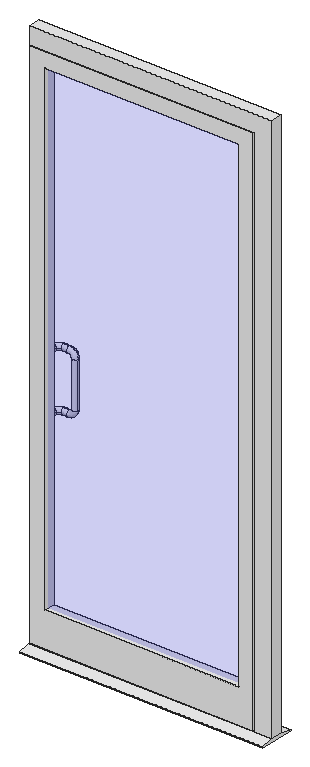
Revit family
Parameters (values of type "As Specified in the Contract Documents")
  ofst2 [instance] = abs(Offset from Exterior Wall Face - (Thickness / 2))  # 0' - 2"
  Top Rail [instance] = 0' - 2 1/2"
  Top RO Spacing = 0' - 0 1/4"
  Top Mechanism Height [instance] = if(Power Operation, 0' 7 1/2", 0' 3.13")  # 0' - 3.13"
  Threshold Width [instance] = 0' - 6"
  Threshold Material [instance] = Extruded Aluminum - Ellison
  Thickness = 0' - 2"  # constant formula
  Stile Size [instance] = 0' - 2 1/2"
  SpecWizard = "http://www.arcat.com/specwizard/08480ell/index.htm?coid=32253&mf="
  Revision = "R1_10-2010"
  Right RO Spacing = 0' - 0.13"
  Warranty Duration (Years) = 0
  U_Factor [instance] = 0
  URL = "http://www.ellisonbronze.com/"
  Test Data = "http://www.ellisonbronze.com/newspecs/index.html"
  Specification = "http://www.arcat.com/sdspecs/htm/08480ell.htm"
  Send Message = "http://www.arcat.com/users.pl?action=UserEmail&company=Ellison%20Bronze,%20Inc.&coid=32253&rep=106&fax=716-665-5552&mf="
  Sales Information = "http://www.ellisonbronze.com/contact.html"
  SHGC [instance] = 0
  Rough Width = Width + Right RO Spacing + Left RO Spacing  # 3' - 6.29"
  Rough Height = Height + Right RO Spacing  # 8' - 1.13"
  R_Value [instance] = 0
  Product Properties = ""
  Product Data = "http://www.arcat.com/arcatcos/cos32/arc32253.html"
  Power Operation [instance] = no
  Panel Material = Extruded Aluminum - Ellison
  Operation = "As Specified in 08 42 36"
  Muntin Width [instance] = 0' - 0 1/2"
  Model = "As Specified in 08 42 36"
  Minor Door Swing Y Start = Width * 0.507  # 1' - 7.71216"
  Minor Door Swing X Start = Width * 0.6157  # 1' - 11.93842"
  Minor Door Swing Radius = Width * 0.5367  # 1' - 8.8669"
  Manufacturer Website = "http://www.ellisonbronze.com/"
  Manufacturer Phone - Toll Free = "800-665-6445 "
  Manufacturer Phone = "716-665-6522 "
  Manufacturer Fax = "716-665-5552"
  Manufacturer Address = "125 W. Main St., Falconer, NY 14733"
  Manufacturer = "Ellison Bronze, Inc."
  Maintenance Schedule (Months) = 0
  Left RO Spacing = 0' - 3.28"
  Keynote = "08 42 36"
  Installation-Fabrication = "http://www.ellisonbronze.com/instmain.html"
  Installation Phase = "Exterior Enclosure"
  Height = 8' - 1"
  Has Muntins [instance] = no
  Has Miiddle Rail [instance] = no
  Hardware Finish [instance] = Extruded Aluminum - Ellison
  Half Stile Size [instance] = Stile Size * 0.5  # 0' - 1 1/4"
  Green Building-LEED = "http://www.arcat.com/green/clients/leed_data_32253.html"
  Glass Thickness = if(Height < 9' 0.1", 0' 0 1/2", 0' 0 3/4")  # 0' - 0 1/2"
  Frame Material = Extruded Aluminum - Ellison
  Fire Rating = "As Specified in 08 42 36"
  F588_Forced-Entry = "As Specified in 08 42 36"
  Expected Lifespan (Years) = 0
  E547_Water-Resistance = "As Specified in 08 42 36"
  E330_Structural-Test-Pressure = "As Specified in 08 42 36"
  E283_Air-Infiltration = "As Specified in 08 42 36"
  Drawn By = "Robert S. Weygant. CSI, CDT, SCIP"
  Door Glazing = Glass
  Description = "Aluminum Stile and Rail Balanced Door"
  Wall Closure = (empty or 0)
  Width = 3' - 2.88"
  Copyright = "2010 ARCAT, Inc."
  Construction Details = "http://www.ellisonbronze.com/newspecs/index.html"
  Offset from Exterior Wall Face [instance] = -0' - 1"
  Bottom Rail [instance] = 0' - 6"
  Assembly Code = "B2020100"
  AAMA Conformance = "As Specified in 08 42 36"
Reference planes (in)
  plane 1 "Center (Front/Back)": y = 0.3125
  plane 2 "Center (Left/Right)": x = -0.64125
  plane 3 "Left": x = -21.72125
  plane 4 "Right": x = 17.15875
  plane 5 "Center": z = 47.27875
  plane 6 "Exterior": y = 2.3125
  plane 7 "Interior": y = -3.6875
  plane 8 "FrameRight": x = 20.43875
  plane 9 "FrameLeft": x = -21.85125
  plane 10 "FrameUpper": z = 97
  plane 11 "Top": z = 97.25
  plane 12: z = 93.87
  plane 13: z = 0.6875
Forms (in)
  Extrusion 1, solid, material "Extruded Aluminum - Ellison" <- "Panel Material"
    sketch origin (0, 0.3125, 0) x (1, 0, 0) y (0, 0, 1)
      loop
        line (17.15875, 93.87) -> (-21.72125, 93.87) -> (-21.72125, 0.6875) -> (17.15875, 0.6875) -> (17.15875, 93.87)
      loop
        line (14.65875, 91.37) -> (-19.22125, 91.37) -> (-19.22125, 6.6875) -> (14.65875, 6.6875) -> (14.65875, 91.37)
    from -1 to 1
  Extrusion 2, solid, material "Glass" <- "Door Glazing"
    sketch origin (0, 0.3125, 0) x (1, 0, 0) y (0, 0, 1)
      loop
        line (17.15875, 93.87) -> (-21.72125, 93.87) -> (-21.72125, 0.6875) -> (17.15875, 0.6875) -> (17.15875, 93.87)
    from -0.25 to 0.25
  Extrusion 3, solid, material "Extruded Aluminum - Ellison" <- "Frame Material"
    sketch origin (0, 0.3125, 3.125) x (1, 0, 0) y (0, 0, 1)
      loop
        line (20.43875, 93.875) -> (-21.85125, 93.875) -> (-21.85125, 90.87) -> (17.40875, 90.87) -> (17.40875, -2.625) -> (20.43875, -2.625) -> (20.43875, 93.875)
    from -1 to 1
  Extrusion 4, solid, material "Extruded Aluminum - Ellison" <- "Panel Material", visible <- "Has Muntins"
    sketch origin (0, 0.3125, 0) x (1, 0, 0) y (0, 0, 1)
      loop
        line (-0.39125, 91.37) -> (-0.89125, 91.37) -> (-0.89125, 47.52875) -> (-19.22125, 47.52875) -> (-19.22125, 47.02875) -> (-0.89125, 47.02875) -> (-0.89125, 6.6875) -> (-0.39125, 6.6875) -> (-0.39125, 47.02875) -> (14.65875, 47.02875) -> (14.65875, 47.52875) -> (-0.39125, 47.52875) -> (-0.39125, 91.37)
    from -1 to 1
  Extrusion 5, solid, material "Extruded Aluminum - Ellison" <- "Threshold Material"
    sketch origin (-0.64125, 0, 0) x (0, 1, 0) y (0, 0, 1)
      loop
        line (3.3125, 0) -> (3.3125, 0.19) -> (1.33515, 0.5) -> (-0.71015, 0.5) -> (-2.6875, 0.19) -> (-2.6875, 0) -> (3.3125, 0)
    from -21.21 to 21.08
  Extrusion 6, solid, material "Extruded Aluminum - Ellison" <- "Panel Material", visible <- "Has Miiddle Rail"
    sketch origin (0, 0.3125, -3.71625) x (1, 0, 0) y (0, 0, 1)
      loop
        line (14.65875, 47.40375) -> (-19.22125, 47.40375) -> (-19.22125, 41.40375) -> (14.65875, 41.40375) -> (14.65875, 47.40375)
    from -1 to 1
Lines and regions (in)
  Opening 1
    outline origin (-95.7153, -3.6875, 0) x (1, 0, 0) y (0, 0, 1)
      loop
        line (73.86405, 97.25) -> (73.86405, 0) -> (116.15405, 0) -> (116.15405, 97.25) -> (73.86405, 97.25)
  symbolic lines, style "Elevation Swing"
    curve 1: line (-21.72125, 0, 93.87) -> (17.15875, 0, 47.27875)
    curve 2: line (-21.72125, 0, 0.6875) -> (17.15875, 0, 47.27875)
  symbolic lines, style "DoorsPanelProjection"
    curve 3: line (16.13107, -11.9375, 0) -> (14.13107, -11.9375, 0)
    curve 4: line (16.13107, -11.9375, 0) -> (16.13107, 26.9425, 0)
    curve 5: line (16.13107, 26.9425, 0) -> (14.13107, 26.9425, 0)
    curve 6: line (14.13107, -11.9375, 0) -> (14.13107, 26.9425, 0)
    curve 7: arc (-21.71923, 1.3125, 0) -> (-17.65467, 12.77509, 0) -> (-7.88967, 20.02466, 0) r 20.8669
  symbolic lines, style "Plan Swing"
    curve 8: arc (-7.88967, 20.02466, 0) -> (2.90967, 24.15534, 0) -> (14.13107, 26.9425, 0) r 94.93214
  symbolic lines, style "DoorsFrameMullionProjection"
    curve 9: line (20.43875, 1.3125, 0) -> (17.40875, 1.3125, 0)
    curve 10: line (20.43875, -0.6875, 0) -> (20.43875, 1.3125, 0)
    curve 11: line (17.40875, -0.6875, 0) -> (20.43875, -0.6875, 0)
    curve 12: line (17.40875, 1.3125, 0) -> (17.40875, -0.6875, 0)
  reference lines
    curve 13: line (14.65875, 0.3125, 6.6875) -> (14.65875, 0.3125, 111.6875)
    curve 14: line (-19.22125, 0.3125, 6.6875) -> (-19.22125, 0.3125, 111.6875)
    curve 15: line (4.04875, 0.3125, 91.37) -> (40.40875, 0.3125, 91.37)
    curve 16: line (4.04875, 0.3125, 6.6875) -> (45.40875, 0.3125, 6.6875)
Text (in)
  text "EXTERIOR" at (-79.42766, 23.47596, 0), in view "Ref. Level"
  text "INTERIOR" at (-79.42766, -17.27685, 0), in view "Ref. Level"
  text "Exterior" at (0, 47.2975, 123.29936), in view "Left"
  text "Exterior" at (0, 19.21628, 132.11189), in view "Right"
Dimensions and locks (in)
  host wall to plane 6 "Exterior" = 0' - 0"
  host wall to plane 7 "Interior" = 0' - 0"
  "Width": plane 3 "Left" to plane 4 "Right"
  equal spacing: plane 3 "Left", plane 2 "Center (Left/Right)", plane 8 "FrameRight"
  "Right RO Spacing": plane 9 "FrameLeft" to plane 3 "Left"
  "Left RO Spacing": plane 4 "Right" to plane 8 "FrameRight"
  "ofst2": plane 1 "Center (Front/Back)" to host wall
  locked: plane 13 to level at 0.6875
  equal spacing: plane 13, plane 5 "Center", plane 12
  "Thickness": Extrusion 1 to Extrusion 1
  "Width": curve 5 to curve 3
  "Glass Thickness": Extrusion 2 to Extrusion 2
  equal spacing: Extrusion 2, plane 1 "Center (Front/Back)", Extrusion 2
  equal spacing: Extrusion 1, plane 1 "Center (Front/Back)", Extrusion 1
  locked: curve 3 to plane 1 "Center (Front/Back)" at 12.25
  "Minor Door Swing Y Start": plane 1 "Center (Front/Back)" to curve 8
  "Muntin Width": Extrusion 4 sketch curve to Extrusion 4 sketch curve  (x2)
  equal spacing: Extrusion 4 sketch curve, plane 5 "Center", Extrusion 4 sketch curve
  equal spacing: Extrusion 4 sketch curve, plane 2 "Center (Left/Right)", Extrusion 4 sketch curve
  "Top Mechanism Height": plane 12 to plane 10 "FrameUpper"
  "Height": level to plane 10 "FrameUpper"
  "Top RO Spacing": plane 10 "FrameUpper" to plane 11 "Top"
  locked: curve 6 to plane 8 "FrameRight" at 6.30768
  "Thickness": curve 6 to curve 4
  "Stile Size": curve 13 to plane 4 "Right"
  "Stile Size": plane 3 "Left" to curve 14
  "Top Rail": curve 15 to plane 12
  "Bottom Rail": plane 13 to curve 16
  "Half Stile Size": plane 3 "Left" to nested 1
  equal spacing: Extrusion 5 sketch curve, plane 1 "Center (Front/Back)", Extrusion 5 sketch curve
  locked: Extrusion 5 sketch curve to level at 0.5
  Extrusion 5 sketch curve to plane 1 "Center (Front/Back)" to Extrusion 5 sketch curve = 0' - 1.02265" locked, 0' - 1.02265" locked
  "Threshold Width": Extrusion 5 to Extrusion 5
  level to Extrusion 6 sketch curve to Extrusion 6 sketch curve = 3' - 1 11/16" locked, 0' - 6" locked
  "Minor Door Swing Radius": radius of curve 7
  aligned and locked: Opening 1 sketch curve to plane 8 "FrameRight"
  aligned and locked: plane 9 "FrameLeft" to Opening 1 sketch curve
  aligned and locked: Opening 1 sketch curve to plane 11 "Top"
  aligned and locked: level to Opening 1 sketch curve
  aligned and locked: plane 4 "Right" to curve 2
  aligned and locked: plane 5 "Center" to curve 2
  aligned and locked: Extrusion 1 to curve 7
  aligned and locked: host wall to plane 7 "Interior"
  aligned and locked: plane 6 "Exterior" to host wall
  aligned and locked: curve 5 to curve 8
  aligned and locked: Extrusion 4 sketch curve to Extrusion 4 sketch curve  (x4)
  aligned and locked: Extrusion 3 to curve 9
  aligned and locked: curve 9 to Extrusion 3
  aligned and locked: curve 12 to Extrusion 3  (x2)
  aligned and locked: Extrusion 1 sketch curve to curve 13
  aligned and locked: Extrusion 1 sketch curve to curve 14
  aligned and locked: Extrusion 1 sketch curve to curve 16
  aligned and locked: Extrusion 1 sketch curve to curve 15
  aligned and locked: curve 13 to Extrusion 4 sketch curve
  aligned and locked: Extrusion 4 sketch curve to curve 14
  aligned and locked: curve 15 to Extrusion 4 sketch curve
  aligned and locked: Extrusion 4 sketch curve to curve 16
  aligned and locked: Extrusion 5 to plane 8 "FrameRight"
  aligned and locked: Extrusion 5 to plane 9 "FrameLeft"
  aligned and locked: Extrusion 6 sketch curve to curve 14
  aligned and locked: curve 13 to Extrusion 6 sketch curve
  aligned and locked: Extrusion 1 to Extrusion 4  (x2)
  aligned and locked: Extrusion 1 to Extrusion 6  (x2)
  aligned and locked: Extrusion 3 to Extrusion 1  (x2)
Automatic sketch dimensions
  curve 1 to plane 3 "Left" = 0' - 0"
  curve 1 to plane 12 = 0' - 0"
  curve 2 to plane 3 "Left" = 0' - 0"
  curve 2 to plane 13 = 0' - 0"
  curve 7 to plane 1 "Center (Front/Back)" = 0' - 0.06016"
  curve 7 to plane 2 "Center (Left/Right)" = 0' - 0.23226"
  curve 8 to plane 8 "FrameRight" = 0' - 10.92301"
  Extrusion 1 sketch curve to plane 3 "Left" = 0' - 0"
  Extrusion 1 sketch curve to plane 4 "Right" = 0' - 0"
  Extrusion 1 sketch curve to plane 13 = 0' - 0"
  Extrusion 1 sketch curve to plane 12 = 0' - 0"
  Extrusion 3 sketch curve to plane 9 "FrameLeft" = 0' - 0"
  Extrusion 3 sketch curve to plane 8 "FrameRight" = 0' - 0"
  Extrusion 3 sketch curve to plane 10 "FrameUpper" = 0' - 0"
  Extrusion 3 sketch curve to plane 4 "Right" = 0' - 0 1/4"
  plane 12 to Extrusion 3 sketch curve = 0' - 0 1/8"
  Extrusion 3 sketch curve to plane 13 = 0' - 0 3/16"
  plane 2 "Center (Left/Right)" to curve 15 = 0' - 4.69"
  plane 2 "Center (Left/Right)" to curve 16 = 0' - 4.69"
  curve 15 to plane 8 "FrameRight" = 1' - 7.97"
  curve 16 to plane 8 "FrameRight" = 2' - 0.97"
  plane 13 to curve 14 = 0' - 6"
  plane 11 "Top" to curve 14 = 1' - 2 7/16"
  plane 11 "Top" to curve 13 = 1' - 2 7/16"
  Extrusion 5 sketch curve to level = 0' - 0"
  host wall to Extrusion 5 sketch curve = 0' - 2"
  level to Extrusion 5 sketch curve = 0' - 0.19"  (x2)
  Extrusion 2 sketch curve to plane 3 "Left" = 0' - 0"
  Extrusion 2 sketch curve to plane 4 "Right" = 0' - 0"
  Extrusion 2 sketch curve to plane 13 = 0' - 0"
  Extrusion 2 sketch curve to plane 12 = 0' - 0"
Nested families (in)
  nested 1: "Handle_Offset_Ellison" at (-20.47125, 1.3125, 40.68751) x (1, 0, 0) z (0, 1, 0), type "Handle_Offset_Ellison"
Definition of nested family "Handle_Offset_Ellison"
  Parameters
    Material = none
    Default Elevation = 4' - 0"
  Reference planes (in)
    plane 1 "Center (Front/Back)": y = 0
    plane 2: z = 0
    plane 3 "Center (Left/Right)": x = 0
  Forms (in)
    Sweep 1, solid, material <- "Material"
      path origin (0, 0, 0) x (1, 0, 0) y (0, 1, 0)
        loop
          line (1, -4.99999) -> (2, -4.99999)
          arc (2, -4.99999) -> (2.70635, -4.70785) -> (3, -4.00213) r 1
          line (3, -4.00213) -> (3, 3.99999)
          arc (3, 3.99999) -> (2.7071, 4.70709) -> (2, 4.99999) r 1
          line (2, 4.99999) -> (1, 4.99999)
      profile "PR-Circle : PR-Circle" origin (1.5, 4.99999, 0) x (0, -1, 0) y (0, 0, 1)
        loop
          circle (0, 2.5) r 0.5
    Sweep 2, solid, material <- "Material"
      path origin (2.99999, -7.49999, -2.49999) x (-1, 0, 0) y (0, 0, 1)
        loop
          arc (2, 4.99999) -> (2.70635, 4.70785) -> (3, 4.00213) r 1
          line (3, 4.00213) -> (3, 2.49999)
      profile "PR-Circle : PR-Circle" origin (0.29365, -7.49999, 2.20787) x (-0.706347, 0, 0.707865) y (0, 1, 0)
        loop
          circle (0, 2.5) r 0.5
    Sweep 3, solid, material <- "Material"
      path origin (2.99999, 7.49999, -2.49999) x (-1, 0, 0) y (0, 0, -1)
        loop
          arc (2, -4.99999) -> (2.70635, -4.70785) -> (3, -4.00213) r 1
          line (3, -4.00213) -> (3, -2.49999)
      profile "PR-Circle : PR-Circle" origin (0.29365, 7.49999, 2.20787) x (0.706347, 0, -0.707865) y (0, -1, 0)
        loop
          circle (0, 2.5) r 0.5
  Cuts and joins
    joined: Sweep 1, Sweep 2, Sweep 3
